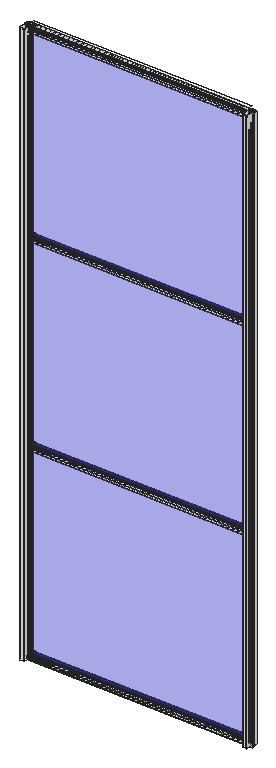
Revit family "Facade_60_Curtain_Wall_E13_Standard", category Windows, host Wall, Revit 2014 (continued)
Definition of nested family "F60 Horizontal Profile Middle_E13_Std"
  Forms (mm)
    Extrusion 4, solid, material <- "Profile Material"
      sketch origin (0, 0, 0) x (0, 1, 0) y (0, 0, 1)
        loop
          arc (-42.8, 35.551) -> (-43.034, 34.985) -> (-43.6, 34.751) r 0.8
          line (-43.6, 34.751) -> (-58.5, 34.751)
          arc (-58.5, 34.751) -> (-59.066, 34.516) -> (-59.3, 33.951) r 0.8
          line (-59.3, 33.951) -> (-59.3, 32.902) -> (-42.8, 32.902) -> (-42.8, 27.1) -> (-59.3, 27.1) -> (-59.3, 26.049)
          arc (-59.3, 26.049) -> (-59.066, 25.484) -> (-58.5, 25.249) r 0.8
      from 0 to 250 <- "Length"
    Extrusion 5, solid, material <- "Thermal Break Material", visible <- "Single Glazing"
      sketch origin (0, 0, 0) x (0, 1, 0) y (0, 0, 1)
        loop
          arc (-63.8, 25.751) -> (-63.654, 25.397) -> (-63.3, 25.251) r 0.5
          line (-63.3, 25.251) -> (-59.8, 25.251)
          arc (-59.8, 25.251) -> (-59.446, 25.397) -> (-59.3, 25.751) r 0.5
          line (-59.3, 25.751) -> (-59.3, 27.648) -> (-49.599, 27.648) -> (-47.528, 28.651)
          arc (-47.528, 28.651) -> (-46.803, 30.001) -> (-47.528, 31.351) r 1.62
          line (-47.528, 31.351) -> (-49.599, 32.353) -> (-59.3, 32.353) -> (-59.3, 34.251)
          arc (-59.3, 34.251) -> (-59.446, 34.604) -> (-59.8, 34.751) r 0.5
          line (-59.8, 34.751) -> (-63.3, 34.751)
          arc (-63.3, 34.751) -> (-63.654, 34.604) -> (-63.8, 34.251) r 0.5
          line (-63.8, 34.251) -> (-63.8, 32.328) -> (-62.4, 31.52) -> (-62.4, 28.483) -> (-63.8, 27.673) -> (-63.8, 25.751)
        loop
          line (-59.794, 28.506) -> (-59.006, 29.294)
          arc (-59.006, 29.294) -> (-58.788, 29.618) -> (-58.713, 30.001) r 0.986
          arc (-58.713, 30.001) -> (-58.79, 30.384) -> (-59.008, 30.71) r 1.007
          line (-59.008, 30.71) -> (-59.794, 31.496) -> (-60.65, 31.496)
          arc (-60.65, 31.496) -> (-61.004, 31.349) -> (-61.15, 30.996) r 0.5
          line (-61.15, 30.996) -> (-61.15, 29.006)
          arc (-61.15, 29.006) -> (-61.004, 28.652) -> (-60.65, 28.506) r 0.5
          line (-60.65, 28.506) -> (-59.794, 28.506)
        loop
          line (-47.854, 30.898) -> (-49.415, 31.653) -> (-56.782, 31.653)
          arc (-56.782, 31.653) -> (-57.207, 31.417) -> (-57.23, 30.932) r 0.5
          arc (-57.23, 30.932) -> (-57.013, 30.001) -> (-57.23, 29.07) r 2.099
          arc (-57.23, 29.07) -> (-57.207, 28.584) -> (-56.782, 28.348) r 0.5
          line (-56.782, 28.348) -> (-49.415, 28.348) -> (-48.055, 29.007)
          arc (-48.055, 29.007) -> (-47.35, 29.888) -> (-47.854, 30.898) r 1.047
      from 0 to 250 <- "Length"
    Extrusion 6, solid, material <- "Profile Material", visible <- "Single Glazing"
      sketch origin (0, 0, 0) x (0, 1, 0) y (0, 0, 1)
        loop
          line (-63.8, 52.694) -> (-64.8, 52.694) -> (-64.8, 51.544) -> (-66.05, 51.544) -> (-66.05, 57.044) -> (-64.8, 57.044) -> (-64.8, 55.894) -> (-63.8, 55.894) -> (-63.8, 58.294)
          arc (-63.8, 58.294) -> (-64.082, 58.803) -> (-64.664, 58.835) r 0.6
          line (-64.664, 58.835) -> (-66.562, 57.91) -> (-67.088, 58.988) -> (-68.05, 58.519) -> (-68.05, 48.513)
          arc (-68.05, 48.513) -> (-67.874, 48.089) -> (-67.45, 47.913) r 0.6
          line (-67.45, 47.913) -> (-66.6, 47.913) -> (-66.6, 12.09) -> (-67.45, 12.09)
          arc (-67.45, 12.09) -> (-67.874, 11.914) -> (-68.05, 11.49) r 0.6
          line (-68.05, 11.49) -> (-68.05, 1.485) -> (-67.088, 1.016) -> (-66.562, 2.095) -> (-64.663, 1.169)
          arc (-64.663, 1.169) -> (-64.082, 1.2) -> (-63.8, 1.709) r 0.6
          line (-63.8, 1.709) -> (-63.8, 4.109) -> (-64.8, 4.109) -> (-64.8, 2.959) -> (-66.05, 2.959) -> (-66.05, 8.459) -> (-64.8, 8.459) -> (-64.8, 7.309) -> (-63.8, 7.309) -> (-63.8, 27.674) -> (-62.4, 28.483) -> (-62.4, 31.521) -> (-63.8, 32.329) -> (-63.8, 52.694)
      from 0 to 250 <- "Length"
    Extrusion 7, solid, material <- "Profile Material", visible <- "Single Glazing"
      sketch origin (0, 0, 0) x (0, 1, 0) y (0, 0, 1)
        loop
          line (-68.551, 3.3) -> (-76.559, 3.3) -> (-76.559, 30) -> (-76.559, 56.15)
          arc (-76.559, 56.15) -> (-75.739, 58.13) -> (-73.759, 58.95) r 2.8
          line (-73.759, 58.95) -> (-69.151, 58.95) -> (-69.151, 57.2)
          arc (-69.151, 57.2) -> (-68.987, 56.829) -> (-68.601, 56.703) r 0.5
          arc (-68.601, 56.703) -> (-68.216, 56.829) -> (-68.051, 57.2) r 0.5
          line (-68.051, 57.2) -> (-68.051, 58.517) -> (-67.089, 58.986) -> (-66.563, 57.907) -> (-63.866, 59.222)
          arc (-63.866, 59.222) -> (-64.001, 59.762) -> (-64.504, 60) r 0.65
          line (-64.504, 60) -> (-73.859, 60)
          arc (-73.859, 60) -> (-76.687, 58.828) -> (-77.859, 56) r 4
          line (-77.859, 56) -> (-77.859, 30) -> (-77.859, 2.493)
          arc (-77.859, 2.493) -> (-77.197, 0.799) -> (-75.562, 0.002) r 2.5
          arc (-75.562, 0.002) -> (-75.182, 0.132) -> (-75.021, 0.5) r 0.5
          line (-75.021, 0.5) -> (-75.021, 2) -> (-69.151, 2) -> (-69.151, 0.5)
          arc (-69.151, 0.5) -> (-69.005, 0.146) -> (-68.651, 0) r 0.5
          line (-68.651, 0) -> (-64.504, 0)
          arc (-64.504, 0) -> (-64.001, 0.238) -> (-63.866, 0.778) r 0.65
          line (-63.866, 0.778) -> (-66.563, 2.093) -> (-67.089, 1.014) -> (-68.051, 1.483) -> (-68.051, 2.8)
          arc (-68.051, 2.8) -> (-68.198, 3.154) -> (-68.551, 3.3) r 0.5
      from 0 to 250 <- "Length"
    Extrusion 8, solid, material <- "Thermal Break Material", visible <- "Double Glazing"
      sketch origin (0, 0, 0) x (0, 1, 0) y (0, 0, 1)
        loop
          line (-77.8, 27.673) -> (-77.8, 25.751)
          arc (-77.8, 25.751) -> (-77.654, 25.397) -> (-77.3, 25.251) r 0.5
          line (-77.3, 25.251) -> (-59.8, 25.251)
          arc (-59.8, 25.251) -> (-59.446, 25.397) -> (-59.3, 25.751) r 0.5
          line (-59.3, 25.751) -> (-59.3, 27.647) -> (-49.599, 27.647) -> (-47.528, 28.649)
          arc (-47.528, 28.649) -> (-46.803, 29.999) -> (-47.528, 31.349) r 1.62
          line (-47.528, 31.349) -> (-49.602, 32.353) -> (-59.3, 32.353) -> (-59.3, 34.251)
          arc (-59.3, 34.251) -> (-59.446, 34.604) -> (-59.8, 34.751) r 0.5
          line (-59.8, 34.751) -> (-77.3, 34.751)
          arc (-77.3, 34.751) -> (-77.654, 34.604) -> (-77.8, 34.251) r 0.5
          line (-77.8, 34.251) -> (-77.8, 32.327) -> (-76.4, 31.52) -> (-76.4, 28.482) -> (-77.8, 27.673)
        loop
          line (-59.006, 30.708) -> (-61.156, 32.858)
          arc (-61.156, 32.858) -> (-61.48, 33.074) -> (-61.863, 33.151) r 1
          line (-61.863, 33.151) -> (-73.8, 33.151)
          arc (-73.8, 33.151) -> (-74.507, 32.858) -> (-74.8, 32.151) r 1
          line (-74.8, 32.151) -> (-74.8, 27.851)
          arc (-74.8, 27.851) -> (-74.507, 27.144) -> (-73.8, 26.851) r 1
          line (-73.8, 26.851) -> (-61.863, 26.851)
          arc (-61.863, 26.851) -> (-61.48, 26.927) -> (-61.156, 27.144) r 1
          line (-61.156, 27.144) -> (-59.006, 29.294)
          arc (-59.006, 29.294) -> (-58.788, 29.618) -> (-58.713, 30.001) r 0.986
          arc (-58.713, 30.001) -> (-58.79, 30.383) -> (-59.006, 30.708) r 1.007
        loop
          line (-56.782, 28.347) -> (-49.415, 28.347) -> (-48.055, 29.005)
          arc (-48.055, 29.005) -> (-47.35, 29.887) -> (-47.854, 30.896) r 1.047
          line (-47.854, 30.896) -> (-49.415, 31.652) -> (-56.782, 31.652)
          arc (-56.782, 31.652) -> (-57.207, 31.416) -> (-57.23, 30.93) r 0.5
          arc (-57.23, 30.93) -> (-57.013, 29.999) -> (-57.23, 29.068) r 2.099
          arc (-57.23, 29.068) -> (-57.207, 28.583) -> (-56.782, 28.347) r 0.5
      from 0 to 250 <- "Length"
    Extrusion 9, solid, material <- "Profile Material", visible <- "Double Glazing"
      sketch origin (0, 0, 0) x (0, 1, 0) y (0, 0, 1)
        loop
          line (-77.8, 52.694) -> (-78.8, 52.694) -> (-78.8, 51.544) -> (-80.05, 51.544) -> (-80.05, 57.044) -> (-78.8, 57.044) -> (-78.8, 55.894) -> (-77.8, 55.894) -> (-77.8, 58.294)
          arc (-77.8, 58.294) -> (-78.082, 58.802) -> (-78.664, 58.834) r 0.6
          line (-78.664, 58.834) -> (-80.562, 57.909) -> (-81.088, 58.988) -> (-82.05, 58.518) -> (-82.05, 48.512)
          arc (-82.05, 48.512) -> (-81.874, 48.088) -> (-81.45, 47.912) r 0.6
          line (-81.45, 47.912) -> (-80.6, 47.912) -> (-80.6, 12.089) -> (-81.45, 12.089)
          arc (-81.45, 12.089) -> (-81.874, 11.913) -> (-82.05, 11.489) r 0.6
          line (-82.05, 11.489) -> (-82.05, 1.484) -> (-81.088, 1.015) -> (-80.562, 2.094) -> (-78.663, 1.169)
          arc (-78.663, 1.169) -> (-78.082, 1.199) -> (-77.8, 1.708) r 0.6
          line (-77.8, 1.708) -> (-77.8, 4.108) -> (-78.8, 4.108) -> (-78.8, 2.958) -> (-80.05, 2.958) -> (-80.05, 8.458) -> (-78.8, 8.458) -> (-78.8, 7.308) -> (-77.8, 7.308) -> (-77.8, 27.673) -> (-76.4, 28.482) -> (-76.4, 31.52) -> (-77.8, 32.328) -> (-77.8, 52.694)
      from 0 to 250 <- "Length"
    Extrusion 10, solid, material <- "Profile Material", visible <- "Double Glazing"
      sketch origin (0, 0, 0) x (0, 1, 0) y (0, 0, 1)
        loop
          line (-82.551, 3.3) -> (-90.558, 3.3) -> (-90.558, 30) -> (-90.558, 56.15)
          arc (-90.558, 56.15) -> (-89.738, 58.13) -> (-87.758, 58.95) r 2.8
          line (-87.758, 58.95) -> (-83.151, 58.95) -> (-83.151, 57.2)
          arc (-83.151, 57.2) -> (-82.986, 56.829) -> (-82.601, 56.703) r 0.5
          arc (-82.601, 56.703) -> (-82.215, 56.829) -> (-82.051, 57.2) r 0.5
          line (-82.051, 57.2) -> (-82.051, 58.517) -> (-81.088, 58.986) -> (-80.563, 57.907) -> (-77.866, 59.222)
          arc (-77.866, 59.222) -> (-78, 59.762) -> (-78.503, 60) r 0.65
          line (-78.503, 60) -> (-87.858, 60)
          arc (-87.858, 60) -> (-90.687, 58.828) -> (-91.858, 56) r 4
          line (-91.858, 56) -> (-91.858, 30) -> (-91.858, 2.493)
          arc (-91.858, 2.493) -> (-91.196, 0.799) -> (-89.561, 0.002) r 2.5
          arc (-89.561, 0.002) -> (-89.182, 0.132) -> (-89.021, 0.5) r 0.5
          line (-89.021, 0.5) -> (-89.021, 2) -> (-83.151, 2) -> (-83.151, 0.5)
          arc (-83.151, 0.5) -> (-83.004, 0.146) -> (-82.651, 0) r 0.5
          line (-82.651, 0) -> (-78.503, 0)
          arc (-78.503, 0) -> (-78, 0.238) -> (-77.866, 0.778) r 0.65
          line (-77.866, 0.778) -> (-80.563, 2.093) -> (-81.088, 1.014) -> (-82.051, 1.483) -> (-82.051, 2.8)
          arc (-82.051, 2.8) -> (-82.197, 3.154) -> (-82.551, 3.3) r 0.5
      from 0 to 250 <- "Length"
  Dimensions and locks
    aligned and locked: level to plane 2
Types (73, lengths in mm): name | Windload Design | Width | Vertical Profile Length | Quarter Expansion Break | Overall Width | Overall Height | Transom Vertical Spacing | Mid Glazing Bottom Gap | Max Pane Area | Sill Length | Length Sill | Intruderprufe U Value | Intruderprufe SHGC Value | Intruderprufe LowE U Value | Intruderprufe LowE SHGC Value | Intruderprufe Insulated U Value | Intruderprufe Insulated SHGC Value | Intruderprufe Insulated LowE U Value | Intruderprufe Insulated LowE SHGC Value | Horizontal Profile Length | Glazing Width | Glazing Height | Glazing Gap SG | Glazing Gap DG | DG Thickness Calc | DG Thickness | Height | SG Thickness | Custom Curtain Wall Width | Custom Curtain Wall Height | Custom Windload
  (no name) | 2000 | 2990 | 7460 | yes | 2990 | 7490 | 2406.667 | 2536.467 | 7.12194 m² | 2990 | 2990 | 5.75 | 0.748 | 3.98 | 0.655 | 2.88 | 0.643 | 2.17 | 0.579 | 2870 | 2910.4 | 2447.067 | 2 | 2 | 10 | 6 | 7490 | 10 | 2990 | 7490 | 2000
  F60-E13-0925-1000Pa | 1000 | 890 | 2460 | no | 1000 | 3000 | 740 | 869.8 | 0.632436 m² | 890 | 890 | 5.75 | 0.63 | 4.63 | 0.553 | 3.31 | 0.544 | 2.76 | 0.491 | 770 | 810.4 | 780.4 | 5 | 4 | 4 | 4 | 2490 | 4 | 890 | 2490 | 1000
  F60-E13-0925-1500Pa | 1500 | 890 | 2460 | no | 1000 | 3000 | 740 | 869.8 | 0.632436 m² | 890 | 890 | 5.75 | 0.63 | 4.63 | 0.553 | 3.31 | 0.544 | 2.76 | 0.491 | 770 | 810.4 | 780.4 | 5 | 4 | 4 | 4 | 2490 | 4 | 890 | 2490 | 1500
  F60-E13-0925-2000Pa | 2000 | 890 | 2460 | no | 1000 | 3000 | 740 | 869.8 | 0.632436 m² | 890 | 890 | 5.75 | 0.63 | 4.63 | 0.553 | 3.31 | 0.544 | 2.76 | 0.491 | 770 | 810.4 | 780.4 | 5 | 4 | 4 | 4 | 2490 | 4 | 890 | 2490 | 2000
  F60-E13-1225-1000Pa | 1000 | 1190 | 2460 | no | 1000 | 3000 | 740 | 869.8 | 0.866556 m² | 1190 | 1190 | 5.76 | 0.653 | 4.52 | 0.573 | 3.23 | 0.564 | 2.65 | 0.508 | 1070 | 1110.4 | 780.4 | 5 | 4 | 4 | 4 | 2490 | 4 | 1190 | 2490 | 1000
  F60-E13-1225-1500Pa | 1500 | 1190 | 2460 | no | 1000 | 3000 | 740 | 869.8 | 0.866556 m² | 1190 | 1190 | 5.76 | 0.653 | 4.52 | 0.573 | 3.23 | 0.564 | 2.65 | 0.508 | 1070 | 1110.4 | 780.4 | 5 | 4 | 4 | 4 | 2490 | 4 | 1190 | 2490 | 1500
  F60-E13-1225-2000Pa | 2000 | 1190 | 2460 | no | 1000 | 3000 | 740 | 869.8 | 0.866556 m² | 1190 | 1190 | 5.76 | 0.653 | 4.52 | 0.573 | 3.23 | 0.564 | 2.65 | 0.508 | 1070 | 1110.4 | 780.4 | 5 | 4 | 4 | 4 | 2490 | 4 | 1190 | 2490 | 2000
  F60-E13-1525-1000Pa | 1000 | 1490 | 2460 | no | 1000 | 3000 | 740 | 869.8 | 1.10068 m² | 1490 | 1490 | 5.76 | 0.667 | 4.46 | 0.585 | 3.18 | 0.575 | 2.58 | 0.519 | 1370 | 1410.4 | 780.4 | 5 | 4 | 4 | 4 | 2490 | 4 | 1490 | 2490 | 1000
  F60-E13-1525-1500Pa | 1500 | 1490 | 2460 | no | 1000 | 3000 | 740 | 869.8 | 1.10068 m² | 1490 | 1490 | 5.76 | 0.667 | 4.46 | 0.585 | 3.18 | 0.575 | 2.58 | 0.519 | 1370 | 1410.4 | 780.4 | 5 | 4 | 4 | 4 | 2490 | 4 | 1490 | 2490 | 1500
  F60-E13-1525-2000Pa | 2000 | 1490 | 2460 | no | 1000 | 3000 | 740 | 869.8 | 1.10068 m² | 1490 | 1490 | 5.76 | 0.667 | 4.46 | 0.585 | 3.18 | 0.575 | 2.58 | 0.519 | 1370 | 1410.4 | 780.4 | 5 | 4 | 4 | 4 | 2490 | 4 | 1490 | 2490 | 2000
  F60-E13-1825-1000Pa | 1000 | 1790 | 2460 | no | 1000 | 3000 | 740 | 869.8 | 1.3348 m² | 1790 | 1790 | 5.77 | 0.676 | 4.42 | 0.593 | 3.15 | 0.583 | 2.54 | 0.526 | 1670 | 1710.4 | 780.4 | 5 | 4 | 4 | 4 | 2490 | 4 | 1790 | 2490 | 1000
  F60-E13-1825-1500Pa | 1500 | 1790 | 2460 | no | 1000 | 3000 | 740 | 869.8 | 1.3348 m² | 1790 | 1790 | 5.77 | 0.676 | 4.42 | 0.593 | 3.15 | 0.583 | 2.54 | 0.526 | 1670 | 1710.4 | 780.4 | 5 | 4 | 4 | 4 | 2490 | 4 | 1790 | 2490 | 1500
  F60-E13-1825-2000Pa | 2000 | 1790 | 2460 | no | 1000 | 3000 | 740 | 869.8 | 1.3348 m² | 1790 | 1790 | 5.77 | 0.676 | 4.42 | 0.593 | 3.15 | 0.583 | 2.54 | 0.526 | 1670 | 1710.4 | 780.4 | 5 | 4 | 4 | 4 | 2490 | 4 | 1790 | 2490 | 2000
  F60-E13-2125-1000Pa | 1000 | 2090 | 2460 | no | 1000 | 3000 | 740 | 869.8 | 1.56892 m² | 2090 | 2090 | 5.77 | 0.683 | 4.39 | 0.598 | 3.12 | 0.588 | 2.5 | 0.531 | 1970 | 2010.4 | 780.4 | 4.5 | 4 | 4 | 4 | 2490 | 5 | 2090 | 2490 | 1000
  F60-E13-2125-1500Pa | 1500 | 2090 | 2460 | no | 1000 | 3000 | 740 | 869.8 | 1.56892 m² | 2090 | 2090 | 5.77 | 0.683 | 4.39 | 0.598 | 3.12 | 0.588 | 2.5 | 0.531 | 1970 | 2010.4 | 780.4 | 4.5 | 4 | 4 | 4 | 2490 | 5 | 2090 | 2490 | 1500
  F60-E13-2125-2000Pa | 2000 | 2090 | 2460 | no | 1000 | 3000 | 740 | 869.8 | 1.56892 m² | 2090 | 2090 | 5.77 | 0.683 | 4.39 | 0.598 | 3.12 | 0.588 | 2.5 | 0.531 | 1970 | 2010.4 | 780.4 | 4.5 | 4 | 4 | 4 | 2490 | 5 | 2090 | 2490 | 2000
  F60-E13-2425-1000Pa | 1000 | 2390 | 2460 | no | 1000 | 3000 | 740 | 869.8 | 1.80304 m² | 2390 | 2390 | 5.77 | 0.688 | 4.37 | 0.603 | 3.11 | 0.593 | 2.48 | 0.534 | 2270 | 2310.4 | 780.4 | 4.5 | 4 | 4 | 4 | 2490 | 5 | 2390 | 2490 | 1000
  F60-E13-2425-1500Pa | 1500 | 2390 | 2460 | no | 1000 | 3000 | 740 | 869.8 | 1.80304 m² | 2390 | 2390 | 5.77 | 0.688 | 4.37 | 0.603 | 3.11 | 0.593 | 2.48 | 0.534 | 2270 | 2310.4 | 780.4 | 4.5 | 4 | 4 | 4 | 2490 | 5 | 2390 | 2490 | 1500
  F60-E13-2425-2000Pa | 2000 | 2390 | 2460 | no | 1000 | 3000 | 740 | 869.8 | 1.80304 m² | 2390 | 2390 | 5.77 | 0.688 | 4.37 | 0.603 | 3.11 | 0.593 | 2.48 | 0.534 | 2270 | 2310.4 | 780.4 | 4.5 | 4 | 4 | 4 | 2490 | 5 | 2390 | 2490 | 2000
  F60-E13-2725-1000Pa | 1000 | 2690 | 2460 | no | 1000 | 3000 | 740 | 869.8 | 2.03716 m² | 2690 | 2690 | 5.77 | 0.692 | 4.36 | 0.606 | 3.09 | 0.596 | 2.46 | 0.537 | 2570 | 2610.4 | 780.4 | 4.5 | 4 | 4 | 4 | 2490 | 5 | 2690 | 2490 | 1000
  F60-E13-2725-1500Pa | 1500 | 2690 | 2460 | no | 1000 | 3000 | 740 | 869.8 | 2.03716 m² | 2690 | 2690 | 5.77 | 0.692 | 4.36 | 0.606 | 3.09 | 0.596 | 2.46 | 0.537 | 2570 | 2610.4 | 780.4 | 4.5 | 4 | 4 | 4 | 2490 | 5 | 2690 | 2490 | 1500
  F60-E13-2725-2000Pa | 2000 | 2690 | 2460 | no | 1000 | 3000 | 740 | 869.8 | 2.03716 m² | 2690 | 2690 | 5.77 | 0.692 | 4.36 | 0.606 | 3.09 | 0.596 | 2.46 | 0.537 | 2570 | 2610.4 | 780.4 | 4.5 | 4 | 4 | 4 | 2490 | 5 | 2690 | 2490 | 2000
  F60-E13-3025-1000Pa | 1000 | 2990 | 2460 | no | 1000 | 3000 | 740 | 869.8 | 2.27128 m² | 2990 | 2990 | 5.77 | 0.695 | 4.34 | 0.609 | 3.08 | 0.598 | 2.45 | 0.539 | 2870 | 2910.4 | 780.4 | 3.8 | 3 | 5 | 5 | 2490 | 6.4 | 2990 | 2490 | 1000
  F60-E13-3025-1500Pa | 1500 | 2990 | 2460 | no | 1000 | 3000 | 740 | 869.8 | 2.27128 m² | 2990 | 2990 | 5.77 | 0.695 | 4.34 | 0.609 | 3.08 | 0.598 | 2.45 | 0.539 | 2870 | 2910.4 | 780.4 | 3.8 | 3 | 5 | 5 | 2490 | 6.4 | 2990 | 2490 | 1500
  F60-E13-3025-2000Pa | 2000 | 2990 | 2460 | no | 2990 | 2490 | 740 | 869.8 | 2.27128 m² | 2990 | 2990 | 5.77 | 0.695 | 4.34 | 0.609 | 3.08 | 0.598 | 2.45 | 0.539 | 2870 | 2910.4 | 780.4 | 3.8 | 3 | 5 | 5 | 2490 | 6.4 | 2990 | 2490 | 2000
  F60-E13-0950-1000Pa | 1000 | 890 | 4960 | no | 2990 | 2490 | 1573.333 | 1703.133 | 1.30777 m² | 890 | 890 | 5.73 | 0.666 | 4.4 | 0.584 | 3.18 | 0.574 | 2.58 | 0.518 | 770 | 810.4 | 1613.733 | 5 | 4 | 4 | 4 | 4990 | 4 | 890 | 4990 | 1000
  F60-E13-0950-1500Pa | 1500 | 890 | 4960 | no | 2990 | 2490 | 1573.333 | 1703.133 | 1.30777 m² | 890 | 890 | 5.73 | 0.666 | 4.4 | 0.584 | 3.18 | 0.574 | 2.58 | 0.518 | 770 | 810.4 | 1613.733 | 5 | 4 | 4 | 4 | 4990 | 4 | 890 | 4990 | 1500
  F60-E13-0950-2000Pa | 2000 | 890 | 4960 | no | 2990 | 2490 | 1573.333 | 1703.133 | 1.30777 m² | 890 | 890 | 5.73 | 0.666 | 4.4 | 0.584 | 3.18 | 0.574 | 2.58 | 0.518 | 770 | 810.4 | 1613.733 | 5 | 4 | 4 | 4 | 4990 | 4 | 890 | 4990 | 2000
  F60-E13-1250-1000Pa | 1000 | 1190 | 4960 | no | 2990 | 2490 | 1573.333 | 1703.133 | 1.79189 m² | 1190 | 1190 | 5.74 | 0.691 | 4.28 | 0.605 | 3.09 | 0.595 | 2.46 | 0.536 | 1070 | 1110.4 | 1613.733 | 4.5 | 4 | 4 | 4 | 4990 | 5 | 1190 | 4990 | 1000
  F60-E13-1250-1500Pa | 1500 | 1190 | 4960 | no | 2990 | 2490 | 1573.333 | 1703.133 | 1.79189 m² | 1190 | 1190 | 5.74 | 0.691 | 4.28 | 0.605 | 3.09 | 0.595 | 2.46 | 0.536 | 1070 | 1110.4 | 1613.733 | 4.5 | 4 | 4 | 4 | 4990 | 5 | 1190 | 4990 | 1500
  F60-E13-1250-2000Pa | 2000 | 1190 | 4960 | no | 2990 | 2490 | 1573.333 | 1703.133 | 1.79189 m² | 1190 | 1190 | 5.74 | 0.691 | 4.28 | 0.605 | 3.09 | 0.595 | 2.46 | 0.536 | 1070 | 1110.4 | 1613.733 | 4.5 | 4 | 4 | 4 | 4990 | 5 | 1190 | 4990 | 2000
  F60-E13-1550-1000Pa | 1000 | 1490 | 4960 | no | 2990 | 2490 | 1573.333 | 1703.133 | 2.27601 m² | 1490 | 1490 | 5.75 | 0.706 | 4.21 | 0.618 | 3.04 | 0.607 | 2.38 | 0.547 | 1370 | 1410.4 | 1613.733 | 3.8 | 3 | 5 | 5 | 4990 | 6.4 | 1490 | 4990 | 1000
  F60-E13-1550-1500Pa | 1500 | 1490 | 4960 | no | 2990 | 2490 | 1573.333 | 1703.133 | 2.27601 m² | 1490 | 1490 | 5.75 | 0.706 | 4.21 | 0.618 | 3.04 | 0.607 | 2.38 | 0.547 | 1370 | 1410.4 | 1613.733 | 3.8 | 3 | 5 | 5 | 4990 | 6.4 | 1490 | 4990 | 1500
  F60-E13-1550-2000Pa | 2000 | 1490 | 4960 | no | 2990 | 2490 | 1573.333 | 1703.133 | 2.27601 m² | 1490 | 1490 | 5.75 | 0.706 | 4.21 | 0.618 | 3.04 | 0.607 | 2.38 | 0.547 | 1370 | 1410.4 | 1613.733 | 3.8 | 3 | 5 | 5 | 4990 | 6.4 | 1490 | 4990 | 2000
  F60-E13-1850-1000Pa | 1000 | 1790 | 4960 | no | 2990 | 2490 | 1573.333 | 1703.133 | 2.76013 m² | 1790 | 1790 | 5.75 | 0.706 | 4.21 | 0.618 | 3.04 | 0.607 | 2.38 | 0.547 | 1670 | 1710.4 | 1613.733 | 3.8 | 3 | 5 | 5 | 4990 | 6.4 | 1790 | 4990 | 1000
  F60-E13-1850-1500Pa | 1500 | 1790 | 4960 | no | 2990 | 2490 | 1573.333 | 1703.133 | 2.76013 m² | 1790 | 1790 | 5.75 | 0.706 | 4.21 | 0.618 | 3.04 | 0.607 | 2.38 | 0.547 | 1670 | 1710.4 | 1613.733 | 3.8 | 3 | 5 | 5 | 4990 | 6.4 | 1790 | 4990 | 1500
  F60-E13-1850-2000Pa | 2000 | 1790 | 4960 | no | 2990 | 2490 | 1573.333 | 1703.133 | 2.76013 m² | 1790 | 1790 | 5.75 | 0.706 | 4.21 | 0.618 | 3.04 | 0.607 | 2.38 | 0.547 | 1670 | 1710.4 | 1613.733 | 3.8 | 3 | 5 | 5 | 4990 | 6.4 | 1790 | 4990 | 2000
  F60-E13-2150-1000Pa | 1000 | 2090 | 4960 | no | 2990 | 2490 | 1573.333 | 1703.133 | 3.24425 m² | 2090 | 2090 | 5.75 | 0.722 | 4.13 | 0.633 | 2.98 | 0.621 | 2.3 | 0.56 | 1970 | 2010.4 | 1613.733 | 3 | 2 | 6 | 6 | 4990 | 8 | 2090 | 4990 | 1000
  F60-E13-2150-1500Pa | 1500 | 2090 | 4960 | no | 2990 | 2490 | 1573.333 | 1703.133 | 3.24425 m² | 2090 | 2090 | 5.75 | 0.722 | 4.13 | 0.633 | 2.98 | 0.621 | 2.3 | 0.56 | 1970 | 2010.4 | 1613.733 | 3 | 2 | 6 | 6 | 4990 | 8 | 2090 | 4990 | 1500
  F60-E13-2150-2000Pa | 2000 | 2090 | 4960 | no | 2990 | 2490 | 1573.333 | 1703.133 | 3.24425 m² | 2090 | 2090 | 5.75 | 0.722 | 4.13 | 0.633 | 2.98 | 0.621 | 2.3 | 0.56 | 1970 | 2010.4 | 1613.733 | 3 | 2 | 6 | 6 | 4990 | 8 | 2090 | 4990 | 2000
  F60-E13-2450-1000Pa | 1000 | 2390 | 4960 | no | 2990 | 2490 | 1573.333 | 1703.133 | 3.72837 m² | 2390 | 2390 | 5.75 | 0.728 | 4.1 | 0.637 | 2.96 | 0.626 | 2.29 | 0.564 | 2270 | 2310.4 | 1613.733 | 3 | 2 | 6 | 6 | 4990 | 8 | 2390 | 4990 | 1000
  F60-E13-2450-1500Pa | 1500 | 2390 | 4960 | no | 2990 | 2490 | 1573.333 | 1703.133 | 3.72837 m² | 2390 | 2390 | 5.75 | 0.728 | 4.1 | 0.637 | 2.96 | 0.626 | 2.29 | 0.564 | 2270 | 2310.4 | 1613.733 | 3 | 2 | 6 | 6 | 4990 | 8 | 2390 | 4990 | 1500
  F60-E13-2450-2000Pa | 2000 | 2390 | 4960 | no | 2990 | 2490 | 1573.333 | 1703.133 | 3.72837 m² | 2390 | 2390 | 5.75 | 0.728 | 4.1 | 0.637 | 2.96 | 0.626 | 2.29 | 0.564 | 2270 | 2310.4 | 1613.733 | 3 | 2 | 6 | 6 | 4990 | 8 | 2390 | 4990 | 2000
  F60-E13-2750-1000Pa | 1000 | 2690 | 4960 | no | 2990 | 2490 | 1573.333 | 1703.133 | 4.21249 m² | 2690 | 2690 | 5.75 | 0.732 | 4.08 | 0.641 | 2.94 | 0.629 | 2.26 | 0.567 | 2570 | 2610.4 | 1613.733 | 3 | 2 | 6 | 6 | 4990 | 8 | 2690 | 4990 | 1000
  F60-E13-2750-1500Pa | 1500 | 2690 | 4960 | no | 2990 | 2490 | 1573.333 | 1703.133 | 4.21249 m² | 2690 | 2690 | 5.75 | 0.732 | 4.08 | 0.641 | 2.94 | 0.629 | 2.26 | 0.567 | 2570 | 2610.4 | 1613.733 | 3 | 2 | 6 | 6 | 4990 | 8 | 2690 | 4990 | 1500
  F60-E13-2750-2000Pa | 2000 | 2690 | 4960 | no | 2990 | 2490 | 1573.333 | 1703.133 | 4.21249 m² | 2690 | 2690 | 5.75 | 0.732 | 4.08 | 0.641 | 2.94 | 0.629 | 2.26 | 0.567 | 2570 | 2610.4 | 1613.733 | 3 | 2 | 6 | 6 | 4990 | 8 | 2690 | 4990 | 2000
  F60-E13-3050-1000Pa | 1000 | 2990 | 4960 | no | 2990 | 2490 | 1573.333 | 1703.133 | 4.69661 m² | 2990 | 2990 | 5.76 | 0.735 | 4.07 | 0.644 | 2.93 | 0.632 | 2.24 | 0.569 | 2870 | 2910.4 | 1613.733 | 2 | 2 | 8 | 6 | 4990 | 10 | 2990 | 4990 | 1000
  F60-E13-3050-1500Pa | 1500 | 2990 | 4960 | no | 2990 | 2490 | 1573.333 | 1703.133 | 4.69661 m² | 2990 | 2990 | 5.76 | 0.735 | 4.07 | 0.644 | 2.93 | 0.632 | 2.24 | 0.569 | 2870 | 2910.4 | 1613.733 | 2 | 2 | 8 | 6 | 4990 | 10 | 2990 | 4990 | 1500
  F60-E13-3050-2000Pa | 2000 | 2990 | 4960 | no | 2990 | 2490 | 1573.333 | 1703.133 | 4.69661 m² | 2990 | 2990 | 5.76 | 0.735 | 4.07 | 0.644 | 2.93 | 0.632 | 2.24 | 0.569 | 2870 | 2910.4 | 1613.733 | 2 | 2 | 8 | 6 | 4990 | 10 | 2990 | 4990 | 2000
  F60-E13-0975-1000Pa | 1000 | 890 | 7460 | no | 2990 | 2490 | 2406.667 | 2536.467 | 1.9831 m² | 890 | 890 | 5.72 | 0.678 | 4.33 | 0.594 | 3.13 | 0.585 | 2.52 | 0.527 | 770 | 810.4 | 2447.067 | 4.5 | 4 | 4 | 4 | 7490 | 5 | 890 | 7490 | 1000
  F60-E13-0975-1500Pa | 1500 | 890 | 7460 | no | 2990 | 2490 | 2406.667 | 2536.467 | 1.9831 m² | 890 | 890 | 5.72 | 0.678 | 4.33 | 0.594 | 3.13 | 0.585 | 2.52 | 0.527 | 770 | 810.4 | 2447.067 | 4.5 | 4 | 4 | 4 | 7490 | 5 | 890 | 7490 | 1500
  F60-E13-0975-2000Pa | 2000 | 890 | 7460 | no | 2990 | 2490 | 2406.667 | 2536.467 | 1.9831 m² | 890 | 890 | 5.72 | 0.678 | 4.33 | 0.594 | 3.13 | 0.585 | 2.52 | 0.527 | 770 | 810.4 | 2447.067 | 4.5 | 4 | 4 | 4 | 7490 | 5 | 890 | 7490 | 2000
  F60-E13-1275-1000Pa | 1000 | 1190 | 7460 | no | 2990 | 2490 | 2406.667 | 2536.467 | 2.71722 m² | 1190 | 1190 | 5.73 | 0.703 | 4.2 | 0.616 | 3.04 | 0.606 | 2.39 | 0.546 | 1070 | 1110.4 | 2447.067 | 3.8 | 3 | 5 | 5 | 7490 | 6.4 | 1190 | 7490 | 1000
  F60-E13-1275-1500Pa | 1500 | 1190 | 7460 | no | 2990 | 2490 | 2406.667 | 2536.467 | 2.71722 m² | 1190 | 1190 | 5.73 | 0.703 | 4.2 | 0.616 | 3.04 | 0.606 | 2.39 | 0.546 | 1070 | 1110.4 | 2447.067 | 3.8 | 3 | 5 | 5 | 7490 | 6.4 | 1190 | 7490 | 1500
  F60-E13-1275-2000Pa | 2000 | 1190 | 7460 | no | 2990 | 2490 | 2406.667 | 2536.467 | 2.71722 m² | 1190 | 1190 | 5.73 | 0.703 | 4.2 | 0.616 | 3.04 | 0.606 | 2.39 | 0.546 | 1070 | 1110.4 | 2447.067 | 3.8 | 3 | 5 | 5 | 7490 | 6.4 | 1190 | 7490 | 2000
  F60-E13-1575-1000Pa | 1000 | 1490 | 7460 | no | 2990 | 2490 | 2406.667 | 2536.467 | 3.45134 m² | 1490 | 1490 | 5.74 | 0.718 | 4.13 | 0.629 | 2.99 | 0.618 | 2.32 | 0.557 | 1370 | 1410.4 | 2447.067 | 3 | 2 | 6 | 6 | 7490 | 8 | 1490 | 7490 | 1000
  F60-E13-1575-1500Pa | 1500 | 1490 | 7460 | no | 2990 | 2490 | 2406.667 | 2536.467 | 3.45134 m² | 1490 | 1490 | 5.74 | 0.718 | 4.13 | 0.629 | 2.99 | 0.618 | 2.32 | 0.557 | 1370 | 1410.4 | 2447.067 | 3 | 2 | 6 | 6 | 7490 | 8 | 1490 | 7490 | 1500
  F60-E13-1575-2000Pa | 2000 | 1490 | 7460 | no | 2990 | 2490 | 2406.667 | 2536.467 | 3.45134 m² | 1490 | 1490 | 5.74 | 0.718 | 4.13 | 0.629 | 2.99 | 0.618 | 2.32 | 0.557 | 1370 | 1410.4 | 2447.067 | 3 | 2 | 6 | 6 | 7490 | 8 | 1490 | 7490 | 2000
  F60-E13-1875-1000Pa | 1000 | 1790 | 7460 | no | 2990 | 2490 | 2406.667 | 2536.467 | 4.18546 m² | 1790 | 1790 | 5.74 | 0.728 | 4.08 | 0.638 | 2.95 | 0.626 | 2.27 | 0.564 | 1670 | 1710.4 | 2447.067 | 3 | 2 | 6 | 6 | 7490 | 8 | 1790 | 7490 | 1000
  F60-E13-1875-1500Pa | 1500 | 1790 | 7460 | no | 2990 | 2490 | 2406.667 | 2536.467 | 4.18546 m² | 1790 | 1790 | 5.74 | 0.728 | 4.08 | 0.638 | 2.95 | 0.626 | 2.27 | 0.564 | 1670 | 1710.4 | 2447.067 | 3 | 2 | 6 | 6 | 7490 | 8 | 1790 | 7490 | 1500
  F60-E13-1875-2000Pa | 2000 | 1790 | 7460 | no | 2990 | 2490 | 2406.667 | 2536.467 | 4.18546 m² | 1790 | 1790 | 5.74 | 0.728 | 4.08 | 0.638 | 2.95 | 0.626 | 2.27 | 0.564 | 1670 | 1710.4 | 2447.067 | 3 | 2 | 6 | 6 | 7490 | 8 | 1790 | 7490 | 2000
  F60-E13-2175-1000Pa | 1000 | 2090 | 7460 | no | 2990 | 2490 | 2406.667 | 2536.467 | 4.91958 m² | 2090 | 2090 | 5.74 | 0.736 | 4.04 | 0.644 | 2.93 | 0.632 | 2.23 | 0.57 | 1970 | 2010.4 | 2447.067 | 2 | 2 | 8 | 6 | 7490 | 10 | 2090 | 7490 | 1000
  F60-E13-2175-1500Pa | 1500 | 2090 | 7460 | no | 2990 | 2490 | 2406.667 | 2536.467 | 4.91958 m² | 2090 | 2090 | 5.74 | 0.736 | 4.04 | 0.644 | 2.93 | 0.632 | 2.23 | 0.57 | 1970 | 2010.4 | 2447.067 | 2 | 2 | 8 | 6 | 7490 | 10 | 2090 | 7490 | 1500
  F60-E13-2175-2000Pa | 2000 | 2090 | 7460 | no | 2990 | 2490 | 2406.667 | 2536.467 | 4.91958 m² | 2090 | 2090 | 5.74 | 0.736 | 4.04 | 0.644 | 2.93 | 0.632 | 2.23 | 0.57 | 1970 | 2010.4 | 2447.067 | 2 | 2 | 8 | 6 | 7490 | 10 | 2090 | 7490 | 2000
  F60-E13-2475-1000Pa | 1000 | 2390 | 7460 | no | 2990 | 2490 | 2406.667 | 2536.467 | 5.6537 m² | 2390 | 2390 | 5.75 | 0.741 | 4.01 | 0.649 | 2.91 | 0.637 | 2.21 | 0.574 | 2270 | 2310.4 | 2447.067 | 2 | 2 | 8 | 6 | 7490 | 10 | 2390 | 7490 | 1000
  F60-E13-2475-1500Pa | 1500 | 2390 | 7460 | no | 2990 | 2490 | 2406.667 | 2536.467 | 5.6537 m² | 2390 | 2390 | 5.75 | 0.741 | 4.01 | 0.649 | 2.91 | 0.637 | 2.21 | 0.574 | 2270 | 2310.4 | 2447.067 | 2 | 2 | 8 | 6 | 7490 | 10 | 2390 | 7490 | 1500
  F60-E13-2475-2000Pa | 2000 | 2390 | 7460 | no | 2990 | 2490 | 2406.667 | 2536.467 | 5.6537 m² | 2390 | 2390 | 5.75 | 0.741 | 4.01 | 0.649 | 2.91 | 0.637 | 2.21 | 0.574 | 2270 | 2310.4 | 2447.067 | 2 | 2 | 8 | 6 | 7490 | 10 | 2390 | 7490 | 2000
  F60-E13-2775-1000Pa | 1000 | 2690 | 7460 | no | 2990 | 2490 | 2406.667 | 2536.467 | 6.38782 m² | 2690 | 2690 | 5.75 | 0.745 | 3.99 | 0.652 | 2.89 | 0.64 | 2.19 | 0.577 | 2570 | 2610.4 | 2447.067 | 2 | 2 | 8 | 6 | 7490 | 10 | 2690 | 7490 | 1000
  F60-E13-2775-1500Pa | 1500 | 2690 | 7460 | no | 2990 | 2490 | 2406.667 | 2536.467 | 6.38782 m² | 2690 | 2690 | 5.75 | 0.745 | 3.99 | 0.652 | 2.89 | 0.64 | 2.19 | 0.577 | 2570 | 2610.4 | 2447.067 | 2 | 2 | 8 | 6 | 7490 | 10 | 2690 | 7490 | 1500
  F60-E13-2775-2000Pa | 2000 | 2690 | 7460 | no | 2990 | 2490 | 2406.667 | 2536.467 | 6.38782 m² | 2690 | 2690 | 5.75 | 0.745 | 3.99 | 0.652 | 2.89 | 0.64 | 2.19 | 0.577 | 2570 | 2610.4 | 2447.067 | 2 | 2 | 8 | 6 | 7490 | 10 | 2690 | 7490 | 2000
  F60-E13-3075-1000Pa | 1000 | 2990 | 7460 | no | 2990 | 2490 | 2406.667 | 2536.467 | 7.12194 m² | 2990 | 2990 | 5.75 | 0.748 | 3.98 | 0.655 | 2.88 | 0.643 | 2.17 | 0.579 | 2870 | 2910.4 | 2447.067 | 2 | 2 | 10 | 6 | 7490 | 10 | 2990 | 7490 | 1000
  F60-E13-3075-1500Pa | 1500 | 2990 | 7460 | no | 2990 | 2490 | 2406.667 | 2536.467 | 7.12194 m² | 2990 | 2990 | 5.75 | 0.748 | 3.98 | 0.655 | 2.88 | 0.643 | 2.17 | 0.579 | 2870 | 2910.4 | 2447.067 | 2 | 2 | 10 | 6 | 7490 | 10 | 2990 | 7490 | 1500
  F60-E13-3075-2000Pa | 2000 | 2990 | 7460 | yes | 2990 | 7490 | 2406.667 | 2536.467 | 7.12194 m² | 2990 | 2990 | 5.75 | 0.748 | 3.98 | 0.655 | 2.88 | 0.643 | 2.17 | 0.579 | 2870 | 2910.4 | 2447.067 | 2 | 2 | 10 | 6 | 7490 | 10 | 2990 | 7490 | 2000
